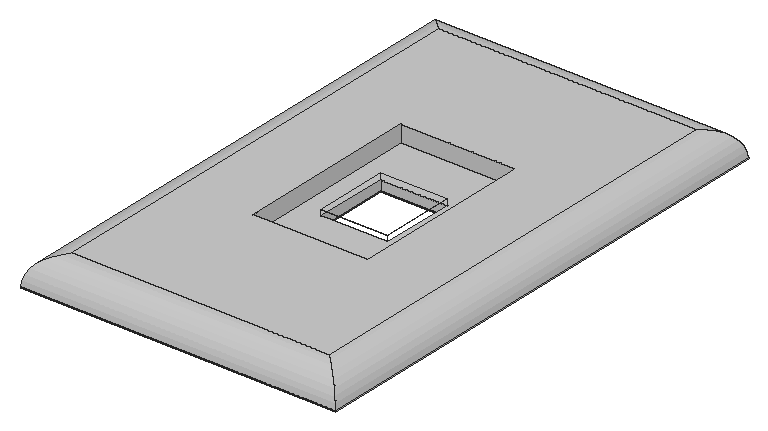
Revit family "1", category Data Devices, host Face, Revit 2018
Family settings
  Host = Face
  Maintain Annotation Orientation = Yes
  Round Connector Dimension = Use Diameter
  Part Type = Normal
  OmniClass Number = 23.85.50.21
  OmniClass Title = Cable Transmission and Reception Equipment
  Cut with Voids When Loaded = No
  Shared = Yes
  Room Calculation Point = No
Parameters (values of type "ERROR *See Type Catalog*")
  z Width = 0.58000"  # constant formula
  z White [instance] = and(Leviton Color = z Set Color White, not(Stainless Steel))  # no
  z Void Offset Single Gang 3 = if(and(z Is Single Gang, z Leviton Type = 1, Has ID Windows), 2.25000", 9.00000")  # 9.00000"
  z Void Offset Single Gang 2 = if(z Leviton Type = 11, 0.15000", 0.25000")  # 0.15000"
  z Void Offset Single Gang 1 = if(and(z Is Single Gang, Has ID Windows, not(or(z Leviton Type = 1, z Leviton Type = 11))), 2.25000", 9.00000")  # 9.00000"
  z Void Offset Dual Gang 2 = if(or(and(z Is Dual Gang, not(Stainless Steel), or(z Leviton Type = 1, z Leviton Type = 2, z Leviton Type = 3, z Leviton Type = 5, not(Has ID Windows))), and(z Is Single Gang), not(Has ID Windows), not(Has ID Windows)), 9.00000", 2.25000")  # 9.00000"
  z Void Offset Dual Gang 1 = if(and(z Is Dual Gang, Has ID Windows), 2.25000", 9.00000")  # 9.00000"
  z Void Offset Angled Plastic = if(or(and(z Leviton Type = 14, Stainless Steel), and(z Leviton Type = 13, Stainless Steel)), 0.11950", 0.07750")  # 0.07750"
  z Void Offset Angled = if(z Leviton Type = 15, 1.47000", if(z Leviton Type = 17, 0.36750", 0.73500"))  # 0.73500"
  z Void 4 Port Angled = if(or(z Leviton Type = 14, z Leviton Type = 15), 0.60000", 8.00000")  # 8.00000"
  z Void 2 Port Angled = if(z Leviton Type = 13, 0.60000", 8.00000")  # 8.00000"
  z Void 1 Port Angled = if(z Leviton Type = 17, 0.60000", 6.00000")  # 6.00000"
  z Stainless Steel [instance] = and(Leviton Color = z Set Color Stainless Steel, Stainless Steel)  # yes
  z Set Color White [instance] = Color Selection : White
  z Set Color Light Almond [instance] = Color Selection : Light Almond
  z Set Color Ivory [instance] = Color Selection : Ivory
  z Set Color Grey [instance] = Color Selection : Grey
  z Set Color Brown [instance] = Color Selection : Brown
  z Set Color Black [instance] = Color Selection : Black
  z Void Offset Single Gang 4 = if(or(and(z Is Single Gang, z Leviton Type = 13, Stainless Steel), and(z Is Single Gang, z Leviton Type = 14, Stainless Steel)), 2.25000", 9.00000")  # 9.00000"
  z Void Offset Dual Gang 3 = if(and(z Is Dual Gang, z Leviton Type = 15, Stainless Steel), 2.25000", 9.00000")  # 9.00000"
  z Offset 6 = if(or(z Leviton Type = 6, z Leviton Type = 12), 2.00000", 9.00000")  # 9.00000"
  z Offset 4 = if(or(z Leviton Type = 4, z Leviton Type = 8, z Leviton Type = 9), 2.00000", 9.00000")  # 9.00000"
  z Offset 3 = if(z Leviton Type = 3, 2.00000", 9.00000")  # 9.00000"
  z Offset 2 H = if(and(z Leviton Type = 5, z Is Dual Gang), 2.00000", 9.00000")  # 9.00000"
  z Offset 2 = if(or(z Leviton Type = 2, z Leviton Type = 7), 2.00000", 9.00000")  # 9.00000"
  z Offset 1 = if(or(z Leviton Type = 1, z Leviton Type = 11, z Leviton Type = 21), 2.00000", 9.00000")  # 2.00000"
  z Light Almond [instance] = and(Leviton Color = z Set Color Light Almond, not(Stainless Steel))  # no
  z Leviton Wallplate Color [instance] = if(and(z White, not(z Light Almond), not(z Ivory), not(z Grey), not(z Brown), not(z Black), not(z Stainless Steel)), 1, if(and(not(z White), z Light Almond, not(z Ivory), not(z Grey), not(z Brown), not(z Black), not(z Stainless Steel)), 2, if(and(not(z White), not(z Light Almond), z Ivory, not(z Grey), not(z Brown), not(z Black), not(z Stainless Steel)), 3, if(and(not(z White), not(z Light Almond), not(z Ivory), z Grey, not(z Brown), not(z Black), not(z Stainless Steel)), 4, if(and(not(z White), not(z Light Almond), not(z Ivory), not(z Grey), not(z Brown), z Black, not(z Stainless Steel)), 5, if(and(not(z White), not(z Light Almond), not(z Ivory), not(z Grey), z Brown, not(z Black), not(z Stainless Steel)), 6, if(and(not(z White), not(z Light Almond), not(z Ivory), not(z Grey), not(z Brown), not(z Black), z Stainless Steel), 7, 0)))))))  # 7
  z Leviton Type = 11
  z Ivory [instance] = and(Leviton Color = z Set Color Ivory, not(Stainless Steel))  # no
  z Is Single Gang = not(z Is Dual Gang)  # yes
  z Is Dual Gang = no
  z Height = 0.65000"  # constant formula
  z Has 12 Ports = z Leviton Type = 12  # no
  z Has 08 Ports = or(z Leviton Type = 8)  # no
  z Has 06 Ports = z Leviton Type = 6  # no
  z Has 04 Ports = or(z Leviton Type = 4, z Leviton Type = 9)  # no
  z Has 03 Ports = z Leviton Type = 3  # no
  z Has 02 Ports = or(z Leviton Type = 2, z Leviton Type = 7)  # no
  z Has 02 H Ports = z Leviton Type = 5  # no
  z Has 01 Port = or(z Leviton Type = 1, z Leviton Type = 11, z Leviton Type = 21)  # yes
  z Grey [instance] = and(Leviton Color = z Set Color Grey, not(Stainless Steel))  # no
  z Distance = if(z Collapse, 0.00000", 6.00000")  # 0.00000"
  z Depth = 0.25000"
  z Set Color Stainless Steel [instance] = Color Selection : Stainless Steel
  z Collapse = yes
  z Brown [instance] = and(Leviton Color = z Set Color Brown, not(Stainless Steel))  # no
  z Black [instance] = and(Leviton Color = z Set Color Black, not(Stainless Steel))  # no
  z Angles are Visible 4 Port Plastic = and(z Leviton Type = 14, not(Stainless Steel))  # no
  z Angles are Visible 4 Port Dual Gang = and(z Is Dual Gang, z Leviton Type = 14, Stainless Steel)  # no
  z Angles are Visible 4 Port = or(and(z Is Single Gang, z Leviton Type = 14), z Leviton Type = 15)  # no
  z Angles are Visible 2 Port Plastic = or(and(z Leviton Type = 13, not(Stainless Steel)), and(z Leviton Type = 17, not(Stainless Steel)))  # no
  z Angles are Visible 2 Port = or(z Leviton Type = 13, z Leviton Type = 17)  # no
  z 2 Y Offset 2 = if(z Leviton Type = 11, 0.00000", 8.00000")  # 0.00000"
  z 1 Y Offset 1 = if(and(or(z Leviton Type = 2, z Leviton Type = 4, z Leviton Type = 8), Stainless Steel), 1.13700", if(or(z Leviton Type = 7, z Leviton Type = 9), 0.76500", 0.24500"))  # 0.24500"
  z 1 X Offset 2 = if(or(z Leviton Type = 5, z Leviton Type = 8, z Leviton Type = 12), 0.73500", if(z Leviton Type = 15, 0.73500", 3.00000"))  # 3.00000"
  z 1 X Offset 1 = if(and(not(z Is Dual Gang), Stainless Steel), 1.23100", if(and(z Is Dual Gang, Stainless Steel, or(z Leviton Type = 8, z Leviton Type = 12)), 1.74000", if(and(z Is Dual Gang, Stainless Steel, or(z Leviton Type = 4, z Leviton Type = 6)), 2.39200", if(and(z Is Dual Gang, z Leviton Type = 1), 2.39300", if(and(z Is Dual Gang, z Leviton Type = 2), 2.39300", if(and(z Is Dual Gang, z Leviton Type = 3), 2.39300", if(or(and(z Is Dual Gang, z Leviton Type = 4), and(z Is Dual Gang, Stainless Steel, z Leviton Type = 14)), 2.39300", if(and(z Is Dual Gang, z Leviton Type = 5), 2.39300", if(and(z Is Dual Gang, z Leviton Type = 6), 2.39300", if(and(z Is Dual Gang, z Leviton Type = 8), 1.63200", if(and(z Is Dual Gang, z Leviton Type = 12), 1.63200", if(and(not(Stainless Steel), z Is Single Gang, z Leviton Type = 7), 1.49600", if(and(not(Stainless Steel), z Is Single Gang, z Leviton Type = 9), 1.49000", 1.31500")))))))))))))  # 1.23100"
  Width [instance] = if(and(z Is Single Gang, or(z Leviton Type = 7, z Leviton Type = 9, z Leviton Type = 11, z Leviton Type = 13, z Leviton Type = 14)), 2.75000", if(and(not(and(z Leviton Type = 7, z Leviton Type = 9, z Leviton Type = 11, z Leviton Type = 13, z Leviton Type = 14, z Leviton Type = 15)), z Is Dual Gang, Stainless Steel), 4.59000", if(and(not(and(z Leviton Type = 7, z Leviton Type = 9, z Leviton Type = 11, z Leviton Type = 13, z Leviton Type = 14, z Leviton Type = 15)), z Is Dual Gang, not(Stainless Steel)), 4.56300", if(and(not(and(z Leviton Type = 7, z Leviton Type = 9, z Leviton Type = 11, z Leviton Type = 13, z Leviton Type = 14, z Leviton Type = 15)), z Is Single Gang, Size Standard, Stainless Steel), 2.78000", if(and(not(and(z Leviton Type = 7, z Leviton Type = 9, z Leviton Type = 11, z Leviton Type = 13, z Leviton Type = 14, z Leviton Type = 15)), z Is Single Gang, Size Standard, not(Stainless Steel)), 2.75000", if(and(not(and(z Leviton Type = 7, z Leviton Type = 9, z Leviton Type = 11, z Leviton Type = 13, z Leviton Type = 14, z Leviton Type = 15)), z Is Single Gang, Size Midway, Stainless Steel), 2.78000", if(and(not(and(z Leviton Type = 7, z Leviton Type = 9, z Leviton Type = 11, z Leviton Type = 13, z Leviton Type = 14, z Leviton Type = 15, z Leviton Type = 13, z Leviton Type = 14)), z Is Single Gang, Size Midway, not(Stainless Steel)), 3.12000", 2.75000")))))))  # 2.75000"
  Stainless Steel = yes
  URL = "http://www.leviton.com/networksolutions"
  Type Comments = ""
  Technical Support Phone Number = "1-800-824-3005"  # constant formula
  Size Standard = not(Size Midway)  # yes
  Size Midway = no
  Serial Number [instance] = ""
  Quantity per Package = 0
  Product Documentation Link = "http://www.leviton.com/OA_HTML/SectionDisplay.jsp?section=37724&minisite=10259"
  Port Count [instance] = 0
  Part Number [instance] = if(and(z Leviton Wallplate Color = 1, z Is Single Gang, Size Standard, not(Has ID Windows), z Leviton Type = 1), "41080-1WP", if(and(z Leviton Wallplate Color = 2, z Is Single Gang, Size Standard, not(Has ID Windows), z Leviton Type = 1), "41080-1TP", if(and(z Leviton Wallplate Color = 3, z Is Single Gang, Size Standard, not(Has ID Windows), z Leviton Type = 1), "41080-1IP", if(and(z Leviton Wallplate Color = 4, z Is Single Gang, Size Standard, not(Has ID Windows), z Leviton Type = 1), "41080-1GP", if(and(z Leviton Wallplate Color = 5, z Is Single Gang, Size Standard, not(Has ID Windows), z Leviton Type = 1), "41080-1EP", if(and(z Leviton Wallplate Color = 6, z Is Single Gang, Size Standard, not(Has ID Windows), z Leviton Type = 1), "41080-1BP", if(and(z Leviton Wallplate Color = 1, z Is Single Gang, Size Standard, not(Has ID Windows), z Leviton Type = 2), "41080-2WP", if(and(z Leviton Wallplate Color = 2, z Is Single Gang, Size Standard, not(Has ID Windows), z Leviton Type = 2), "41080-2TP", if(and(z Leviton Wallplate Color = 3, z Is Single Gang, Size Standard, not(Has ID Windows), z Leviton Type = 2), "41080-2IP", if(and(z Leviton Wallplate Color = 4, z Is Single Gang, Size Standard, not(Has ID Windows), z Leviton Type = 2), "41080-2GP", if(and(z Leviton Wallplate Color = 5, z Is Single Gang, Size Standard, not(Has ID Windows), z Leviton Type = 2), "41080-2EP", if(and(z Leviton Wallplate Color = 6, z Is Single Gang, Size Standard, not(Has ID Windows), z Leviton Type = 2), "41080-2BP", if(and(z Leviton Wallplate Color = 1, z Is Single Gang, Size Standard, not(Has ID Windows), z Leviton Type = 3), "41080-3WP", if(and(z Leviton Wallplate Color = 2, z Is Single Gang, Size Standard, not(Has ID Windows), z Leviton Type = 3), "41080-3TP", if(and(z Leviton Wallplate Color = 3, z Is Single Gang, Size Standard, not(Has ID Windows), z Leviton Type = 3), "41080-3IP", if(and(z Leviton Wallplate Color = 4, z Is Single Gang, Size Standard, not(Has ID Windows), z Leviton Type = 3), "41080-3GP", if(and(z Leviton Wallplate Color = 5, z Is Single Gang, Size Standard, not(Has ID Windows), z Leviton Type = 3), "41080-3EP", if(and(z Leviton Wallplate Color = 6, z Is Single Gang, Size Standard, not(Has ID Windows), z Leviton Type = 3), "41080-3BP", if(and(z Leviton Wallplate Color = 1, z Is Single Gang, Size Standard, not(Has ID Windows), z Leviton Type = 4), "41080-4WP", if(and(z Leviton Wallplate Color = 2, z Is Single Gang, Size Standard, not(Has ID Windows), z Leviton Type = 4), "41080-4TP", if(and(z Leviton Wallplate Color = 3, z Is Single Gang, Size Standard, not(Has ID Windows), z Leviton Type = 4), "41080-4IP", if(and(z Leviton Wallplate Color = 4, z Is Single Gang, Size Standard, not(Has ID Windows), z Leviton Type = 4), "41080-4GP", if(and(z Leviton Wallplate Color = 5, z Is Single Gang, Size Standard, not(Has ID Windows), z Leviton Type = 4), "41080-4EP", if(and(z Leviton Wallplate Color = 6, z Is Single Gang, Size Standard, not(Has ID Windows), z Leviton Type = 4), "41080-4BP", if(and(z Leviton Wallplate Color = 1, z Is Single Gang, Size Standard, not(Has ID Windows), z Leviton Type = 6), "41080-6WP", if(and(z Leviton Wallplate Color = 2, z Is Single Gang, Size Standard, not(Has ID Windows), z Leviton Type = 6), "41080-6TP", if(and(z Leviton Wallplate Color = 3, z Is Single Gang, Size Standard, not(Has ID Windows), z Leviton Type = 6), "41080-6IP", if(and(z Leviton Wallplate Color = 4, z Is Single Gang, Size Standard, not(Has ID Windows), z Leviton Type = 6), "41080-6GP", if(and(z Leviton Wallplate Color = 5, z Is Single Gang, Size Standard, not(Has ID Windows), z Leviton Type = 6), "41080-6EP", if(and(z Leviton Wallplate Color = 6, z Is Single Gang, Size Standard, not(Has ID Windows), z Leviton Type = 6), "41080-6BP", if(and(z Leviton Wallplate Color = 1, z Is Single Gang, Size Standard, Has ID Windows, z Leviton Type = 1), "42080-1WS", if(and(z Leviton Wallplate Color = 2, z Is Single Gang, Size Standard, Has ID Windows, z Leviton Type = 1), "42080-1TS", if(and(z Leviton Wallplate Color = 3, z Is Single Gang, Size Standard, Has ID Windows, z Leviton Type = 1), "42080-1IS", if(and(z Leviton Wallplate Color = 4, z Is Single Gang, Size Standard, Has ID Windows, z Leviton Type = 1), "42080-1GS", if(and(z Leviton Wallplate Color = 5, z Is Single Gang, Size Standard, Has ID Windows, z Leviton Type = 1), "42080-1ES", if(and(z Leviton Wallplate Color = 1, z Is Single Gang, Size Standard, Has ID Windows, z Leviton Type = 2), "42080-2WS", if(and(z Leviton Wallplate Color = 2, z Is Single Gang, Size Standard, Has ID Windows, z Leviton Type = 2), "42080-2TS", if(and(z Leviton Wallplate Color = 3, z Is Single Gang, Size Standard, Has ID Windows, z Leviton Type = 2), "42080-2IS", if(and(z Leviton Wallplate Color = 4, z Is Single Gang, Size Standard, Has ID Windows, z Leviton Type = 2), "42080-2GS", if(and(z Leviton Wallplate Color = 5, z Is Single Gang, Size Standard, Has ID Windows, z Leviton Type = 2), "42080-2ES", if(and(z Leviton Wallplate Color = 1, z Is Single Gang, Size Standard, Has ID Windows, z Leviton Type = 3), "42080-3WS", if(and(z Leviton Wallplate Color = 2, z Is Single Gang, Size Standard, Has ID Windows, z Leviton Type = 3), "42080-3TS", if(and(z Leviton Wallplate Color = 3, z Is Single Gang, Size Standard, Has ID Windows, z Leviton Type = 3), "42080-3IS", if(and(z Leviton Wallplate Color = 4, z Is Single Gang, Size Standard, Has ID Windows, z Leviton Type = 3), "42080-3GS", if(and(z Leviton Wallplate Color = 5, z Is Single Gang, Size Standard, Has ID Windows, z Leviton Type = 3), "42080-3ES", if(and(z Leviton Wallplate Color = 1, z Is Single Gang, Size Standard, Has ID Windows, z Leviton Type = 4), "42080-4WS", if(and(z Leviton Wallplate Color = 2, z Is Single Gang, Size Standard, Has ID Windows, z Leviton Type = 4), "42080-4TS", if(and(z Leviton Wallplate Color = 3, z Is Single Gang, Size Standard, Has ID Windows, z Leviton Type = 4), "42080-4IS", if(and(z Leviton Wallplate Color = 4, z Is Single Gang, Size Standard, Has ID Windows, z Leviton Type = 4), "42080-4GS", if(and(z Leviton Wallplate Color = 5, z Is Single Gang, Size Standard, Has ID Windows, z Leviton Type = 4), "42080-4ES", if(and(z Leviton Wallplate Color = 1, z Is Single Gang, Size Standard, Has ID Windows, z Leviton Type = 6), "42080-6WS", if(and(z Leviton Wallplate Color = 2, z Is Single Gang, Size Standard, Has ID Windows, z Leviton Type = 6), "42080-6TS", if(and(z Leviton Wallplate Color = 3, z Is Single Gang, Size Standard, Has ID Windows, z Leviton Type = 6), "42080-6IS", if(and(z Leviton Wallplate Color = 4, z Is Single Gang, Size Standard, Has ID Windows, z Leviton Type = 6), "42080-6GS", if(and(z Leviton Wallplate Color = 5, z Is Single Gang, Size Standard, Has ID Windows, z Leviton Type = 6), "42080-6ES", if(and(z Leviton Wallplate Color = 1, z Is Dual Gang, Size Standard, Has ID Windows, z Leviton Type = 1), "42080-1WP", if(and(z Leviton Wallplate Color = 2, z Is Dual Gang, Size Standard, Has ID Windows, z Leviton Type = 1), "42080-1TP", if(and(z Leviton Wallplate Color = 3, z Is Dual Gang, Size Standard, Has ID Windows, z Leviton Type = 1), "42080-1IP", if(and(z Leviton Wallplate Color = 4, z Is Dual Gang, Size Standard, Has ID Windows, z Leviton Type = 1), "42080-1GP", if(and(z Leviton Wallplate Color = 5, z Is Dual Gang, Size Standard, Has ID Windows, z Leviton Type = 1), "42080-1EP", if(and(z Leviton Wallplate Color = 1, z Is Dual Gang, Size Standard, Has ID Windows, z Leviton Type = 5), "42080-2WP", if(and(z Leviton Wallplate Color = 2, z Is Dual Gang, Size Standard, Has ID Windows, z Leviton Type = 5), "42080-2TP", if(and(z Leviton Wallplate Color = 3, z Is Dual Gang, Size Standard, Has ID Windows, z Leviton Type = 5), "42080-2IP", if(and(z Leviton Wallplate Color = 4, z Is Dual Gang, Size Standard, Has ID Windows, z Leviton Type = 5), "42080-2GP", if(and(z Leviton Wallplate Color = 5, z Is Dual Gang, Size Standard, Has ID Windows, z Leviton Ty
    pe = 5), "42080-2EP", if(and(z Leviton Wallplate Color = 1, z Is Dual Gang, Size Standard, Has ID Windows, z Leviton Type = 3), "42080-3WP", if(and(z Leviton Wallplate Color = 2, z Is Dual Gang, Size Standard, Has ID Windows, z Leviton Type = 3), "42080-3TP", if(and(z Leviton Wallplate Color = 3, z Is Dual Gang, Size Standard, Has ID Windows, z Leviton Type = 3), "42080-3IP", if(and(z Leviton Wallplate Color = 4, z Is Dual Gang, Size Standard, Has ID Windows, z Leviton Type = 3), "42080-3GP", if(and(z Leviton Wallplate Color = 5, z Is Dual Gang, Size Standard, Has ID Windows, z Leviton Type = 3), "42080-3EP", if(and(z Leviton Wallplate Color = 1, z Is Dual Gang, Size Standard, Has ID Windows, z Leviton Type = 4), "42080-4WP", if(and(z Leviton Wallplate Color = 2, z Is Dual Gang, Size Standard, Has ID Windows, z Leviton Type = 4), "42080-4TP", if(and(z Leviton Wallplate Color = 3, z Is Dual Gang, Size Standard, Has ID Windows, z Leviton Type = 4), "42080-4IP", if(and(z Leviton Wallplate Color = 4, z Is Dual Gang, Size Standard, Has ID Windows, z Leviton Type = 4), "42080-4GP", if(and(z Leviton Wallplate Color = 5, z Is Dual Gang, Size Standard, Has ID Windows, z Leviton Type = 4), "42080-4EP", if(and(z Leviton Wallplate Color = 1, z Is Dual Gang, Size Standard, Has ID Windows, z Leviton Type = 6), "42080-6WP", if(and(z Leviton Wallplate Color = 2, z Is Dual Gang, Size Standard, Has ID Windows, z Leviton Type = 6), "42080-6TP", if(and(z Leviton Wallplate Color = 3, z Is Dual Gang, Size Standard, Has ID Windows, z Leviton Type = 6), "42080-6IP", if(and(z Leviton Wallplate Color = 4, z Is Dual Gang, Size Standard, Has ID Windows, z Leviton Type = 6), "42080-6GP", if(and(z Leviton Wallplate Color = 5, z Is Dual Gang, Size Standard, Has ID Windows, z Leviton Type = 6), "42080-6EP", if(and(z Leviton Wallplate Color = 1, z Is Dual Gang, Size Standard, Has ID Windows, z Leviton Type = 8), "42080-8WP", if(and(z Leviton Wallplate Color = 2, z Is Dual Gang, Size Standard, Has ID Windows, z Leviton Type = 8), "42080-8TP", if(and(z Leviton Wallplate Color = 3, z Is Dual Gang, Size Standard, Has ID Windows, z Leviton Type = 8), "42080-8IP", if(and(z Leviton Wallplate Color = 4, z Is Dual Gang, Size Standard, Has ID Windows, z Leviton Type = 8), "42080-8GP", if(and(z Leviton Wallplate Color = 5, z Is Dual Gang, Size Standard, Has ID Windows, z Leviton Type = 8), "42080-8EP", if(and(z Leviton Wallplate Color = 1, z Is Dual Gang, Size Standard, Has ID Windows, z Leviton Type = 12), "42080-12W", if(and(z Leviton Wallplate Color = 2, z Is Dual Gang, Size Standard, Has ID Windows, z Leviton Type = 12), "42080-12T", if(and(z Leviton Wallplate Color = 3, z Is Dual Gang, Size Standard, Has ID Windows, z Leviton Type = 12), "42080-12I", if(and(z Leviton Wallplate Color = 4, z Is Dual Gang, Size Standard, Has ID Windows, z Leviton Type = 12), "42080-12G", if(and(z Leviton Wallplate Color = 5, z Is Dual Gang, Size Standard, Has ID Windows, z Leviton Type = 12), "42080-12E", if(and(z Leviton Wallplate Color = 7, z Is Single Gang, Size Standard, not(Has ID Windows), Stainless Steel, z Leviton Type = 1), "43080-1S1", if(and(z Leviton Wallplate Color = 7, z Is Single Gang, Size Standard, not(Has ID Windows), Stainless Steel, z Leviton Type = 2), "43080-1S2", if(and(z Leviton Wallplate Color = 7, z Is Single Gang, Size Standard, not(Has ID Windows), Stainless Steel, z Leviton Type = 3), "43080-1S3", if(and(z Leviton Wallplate Color = 7, z Is Single Gang, Size Standard, not(Has ID Windows), Stainless Steel, z Leviton Type = 4), "43080-1S4", if(and(z Leviton Wallplate Color = 7, z Is Single Gang, Size Standard, not(Has ID Windows), Stainless Steel, z Leviton Type = 6), "43080-1S6", if(and(z Leviton Wallplate Color = 7, z Is Dual Gang, Size Standard, not(Has ID Windows), Stainless Steel, z Leviton Type = 2), "43080-2S2", if(and(z Leviton Wallplate Color = 7, z Is Dual Gang, Size Standard, not(Has ID Windows), Stainless Steel, z Leviton Type = 4), "43080-2S4", if(and(z Leviton Wallplate Color = 7, z Is Dual Gang, Size Standard, not(Has ID Windows), Stainless Steel, z Leviton Type = 6), "43080-2S6", if(and(z Leviton Wallplate Color = 7, z Is Dual Gang, Size Standard, not(Has ID Windows), Stainless Steel, z Leviton Type = 8), "43080-2S8", if(and(z Leviton Wallplate Color = 7, z Is Single Gang, Size Standard, not(Has ID Windows), Stainless Steel, z Leviton Type = 13), "43081-1L2", if(and(z Leviton Wallplate Color = 7, z Is Single Gang, Size Standard, not(Has ID Windows), Stainless Steel, z Leviton Type = 14), "43081-1L4", if(and(z Leviton Wallplate Color = 7, z Is Dual Gang, Size Standard, not(Has ID Windows), Stainless Steel, z Leviton Type = 14), "43081-2L4", if(and(z Leviton Wallplate Color = 7, z Is Dual Gang, Size Standard, not(Has ID Windows), Stainless Steel, z Leviton Type = 15), "43081-2L8", if(and(z Leviton Wallplate Color = 7, z Is Single Gang, Size Standard, not(Has ID Windows), Stainless Steel, z Leviton Type = 21), "4108W-0SP", if(and(z Leviton Wallplate Color = 7, z Is Single Gang, Size Standard, not(Has ID Windows), Stainless Steel, z Leviton Type = 11), "4108W-1SP", if(and(z Leviton Wallplate Color = 1, z Is Single Gang, Size Standard, not(Has ID Windows), z Leviton Type = 13), "41081-2WP", if(and(z Leviton Wallplate Color = 2, z Is Single Gang, Size Standard, not(Has ID Windows), z Leviton Type = 13), "41081-2TP", if(and(z Leviton Wallplate Color = 3, z Is Single Gang, Size Standard, not(Has ID Windows), z Leviton Type = 13), "41081-2IP", if(and(z Leviton Wallplate Color = 1, z Is Single Gang, Size Standard, not(Has ID Windows), z Leviton Type = 14), "41081-4WP", if(and(z Leviton Wallplate Color = 2, z Is Single Gang, Size Standard, not(Has ID Windows), z Leviton Type = 14), "41081-4TP", if(and(z Leviton Wallplate Color = 3, z Is Single Gang, Size Standard, not(Has ID Windows), z Leviton Type = 14), "41081-4IP", if(and(z Leviton Wallplate Color = 1, z Is Single Gang, Size Standard, Has ID Windows, z Leviton Type = 17), "42081-1WS", if(and(z Leviton Wallplate Color = 2, z Is Single Gang, Size Standard, Has ID Windows, z Leviton Type = 17), "42081-1TS", if(and(z Leviton Wallplate Color = 3, z Is Single Gang, Size Standard, Has ID Windows, z Leviton Type = 17), "42081-1IS", if(and(z Leviton Wallplate Color = 1, z Is Single Gang, Size Standard, Has ID Windows, z Leviton Type = 13), "42081-2WS", if(and(z Leviton Wallplate Color = 2, z Is Single Gang, Size Standard, Has ID Windows, z Leviton Type = 13), "42081-2TS", if(and(z Leviton Wallplate Color = 3, z Is Single Gang, Size Standard, Has ID Windows, z Leviton Type = 13), "42081-2IS", if(and(z Leviton Wallplate Color = 1, z Is Single Gang, Size Standard, Has ID Windows, z Leviton Type = 14), "42081-4WS", if(and(z Leviton Wallplate Color = 2, z Is Single Gang, Size Standard, Has ID Windows, z Leviton Type = 14), "42081-4TS", if(and(z Leviton Wallplate Color = 3, z Is Single Gang, Size Standard, Has ID Windows, z Leviton Type = 14), "42081-4IS", if(and(z Leviton Wallplate Color = 5, z Is Single Gang, Size Standard, Has ID Windows, z Leviton Type = 14), "42081-4ES", if(and(z Leviton Wallplate Color = 1, z Is Single Gang, Size Midway, not(Has ID Windows), z Leviton Type = 1), "41091-1WN", if(and(z Leviton Wallplate Color = 2, z Is Single Gang, Size Midway, not(Has ID Windows), z Leviton Type = 1), "41091-1TN", if(and(z Leviton Wallplate Color = 3, z Is Single Gang, Size Midway, not(Has ID Windows), z Leviton Type = 1), "41091-1IN", if(and(z Leviton Wallplate Color = 6, z Is Single Gang, Size Midway, not(Has ID Windows), z Leviton Type = 1), "41091-1BN", if(and(z Leviton Wallplate Color = 1, z Is Single Gang, Size Midway, not(Has ID Windows), z Leviton Type = 2), "41091-2WN", if(and(z Leviton Wallplate Color = 2, z Is Single Gang, Size Midway, not(Has ID Windows), z Leviton Type = 2), "41091-2TN", if(and(z Leviton Wallplate Color = 3, z Is Single Gang, Size Midway, not(Has ID Windows), z Leviton Type = 2), "41091-2IN", if(and(z 
    Leviton Wallplate Color = 6, z Is Single Gang, Size Midway, not(Has ID Windows), z Leviton Type = 2), "41091-2BN", if(and(z Leviton Wallplate Color = 1, z Is Single Gang, Size Midway, not(Has ID Windows), z Leviton Type = 3), "41091-3WN", if(and(z Leviton Wallplate Color = 2, z Is Single Gang, Size Midway, not(Has ID Windows), z Leviton Type = 3), "41091-3TN", if(and(z Leviton Wallplate Color = 3, z Is Single Gang, Size Midway, not(Has ID Windows), z Leviton Type = 3), "41091-3IN", if(and(z Leviton Wallplate Color = 6, z Is Single Gang, Size Midway, not(Has ID Windows), z Leviton Type = 3), "41091-3BN", if(and(z Leviton Wallplate Color = 1, z Is Single Gang, Size Midway, not(Has ID Windows), z Leviton Type = 4), "41091-4WN", if(and(z Leviton Wallplate Color = 2, z Is Single Gang, Size Midway, not(Has ID Windows), z Leviton Type = 4), "41091-4TN", if(and(z Leviton Wallplate Color = 3, z Is Single Gang, Size Midway, not(Has ID Windows), z Leviton Type = 4), "41091-4IN", if(and(z Leviton Wallplate Color = 6, z Is Single Gang, Size Midway, not(Has ID Windows), z Leviton Type = 4), "41091-4BN", if(and(z Leviton Wallplate Color = 1, z Is Single Gang, Size Midway, not(Has ID Windows), z Leviton Type = 6), "41091-6WN", if(and(z Leviton Wallplate Color = 2, z Is Single Gang, Size Midway, not(Has ID Windows), z Leviton Type = 6), "41091-6TN", if(and(z Leviton Wallplate Color = 3, z Is Single Gang, Size Midway, not(Has ID Windows), z Leviton Type = 6), "41091-6IN", if(and(z Leviton Wallplate Color = 6, z Is Single Gang, Size Midway, not(Has ID Windows), z Leviton Type = 6), "41091-6BN", "ERROR")))))))))))))))))))))))))))))))))))))))))))))))))))))))))))))))))))))))))))))))))))))))))))))))))))))))))))))))))))))))))))))))))))))))))))))  # "4108W-1SP"
  Part Description = Description  # "QuickPort Wallplate, Stainless Steel, 1 Port, Single Gang, Recessed"
  Original Creation Date = "January 15, 2013"  # constant formula
  Model Disclaimer = "http://www.leviton.com/BIMterms"
  Model = " "
  Minimum Order Quantity = 0
  Manufacturer = "Leviton"  # constant formula
  Leviton Color [instance] = Color Selection : Stainless Steel
  Height [instance] = if(and(z Is Single Gang, or(z Leviton Type = 7, z Leviton Type = 9, z Leviton Type = 11, z Leviton Type = 13, z Leviton Type = 14)), 4.50000", if(and(not(and(z Leviton Type = 7, z Leviton Type = 9, z Leviton Type = 11, z Leviton Type = 13, z Leviton Type = 14, z Leviton Type = 15)), z Is Dual Gang, Stainless Steel), 4.50000", if(and(not(and(z Leviton Type = 7, z Leviton Type = 9, z Leviton Type = 11, z Leviton Type = 13, z Leviton Type = 14, z Leviton Type = 15)), z Is Dual Gang, not(Stainless Steel)), 4.53000", if(and(not(and(z Leviton Type = 7, z Leviton Type = 9, z Leviton Type = 11, z Leviton Type = 13, z Leviton Type = 14, z Leviton Type = 15)), z Is Single Gang, Size Standard, Stainless Steel), 4.50000", if(and(not(and(z Leviton Type = 7, z Leviton Type = 9, z Leviton Type = 11, z Leviton Type = 13, z Leviton Type = 14, z Leviton Type = 15)), z Is Single Gang, Size Standard, not(Stainless Steel)), 4.53000", if(and(not(and(z Leviton Type = 7, z Leviton Type = 9, z Leviton Type = 11, z Leviton Type = 13, z Leviton Type = 14, z Leviton Type = 15)), z Is Single Gang, Size Midway, Stainless Steel), 4.50000", if(and(not(and(z Leviton Type = 7, z Leviton Type = 9, z Leviton Type = 11, z Leviton Type = 13, z Leviton Type = 14, z Leviton Type = 15, z Leviton Type = 13, z Leviton Type = 14)), z Is Single Gang, Size Midway, not(Stainless Steel)), 4.87000", 4.50000")))))))  # 4.50000"
  Has ID Windows = no
  Family Version = "1.0.9"  # constant formula
  Equipment Type = ""
  Equipment Abbreviation = "QPW"  # constant formula
  Description = "QuickPort Wallplate, Stainless Steel, 1 Port, Single Gang, Recessed"
  Default Elevation = 24.00000"
  Date Last Modified = "October 30, 2023"  # constant formula
  Copyright = "Copyright © 2013-2014 Leviton Manufacturing Co., Inc."  # constant formula
  Channel Count [instance] = 0
  Assembly Code = "D5030600"
  Annotation Symbol is Visible = yes
  Annotation Symbol [instance] = Symbol : Data
Reference planes (in)
  plane 1 "Center (Front/Back)": y = 0.3225
  plane 2 "Mounting Surface": z = 0
  plane 3 "Center (Left/Right)": x = -0.9065
  plane 4 "Front": z = 0.25
  plane 5: y = -1.9275
  plane 6 "Left": x = -2.2815
  plane 7 "Right": x = 0.4685
  plane 8: y = 2.5725
  plane 9: y = -1.9275
  plane 10: y = -1.9275
  plane 11: y = -1.9275
  plane 12: y = -1.9275
  plane 13: y = -1.9275
  plane 14: y = 2.5725
  plane 15: y = 2.5725
  plane 16: y = 2.5725
  plane 17: y = 2.5725
  plane 18 "Top": y = 2.5725
  plane 19: y = -1.9275
  plane 20: y = 0.6475
  plane 21: y = -0.0025
  plane 22: x = -1.1965
  plane 23: x = -0.6165
  plane 24: y = 2.3225
  plane 25: z = 7
  plane 26: z = 7
  plane 27 "1": z = 0
  plane 28 "2": z = 7
  plane 29 "3": z = 7
  plane 30: x = -1.522
  plane 31 "Angled Feature Right Side": x = -0.291
  plane 32: x = -0.942
  plane 33: x = -0.871
  plane 34 "6": z = 7
  plane 35 "4": z = 7
  plane 36: x = -3.942
  plane 37: x = -4.522
  plane 38: x = 2.709
  plane 39: x = 2.129
  plane 40: y = 0.8925
  plane 41: y = 1.5425
  plane 42: z = 7
  plane 43 "8": z = 7
  plane 44: y = 0.2
  plane 45: y = 0.445
  plane 46: y = 1.095
  plane 47: y = -0.45
  plane 48: y = 0.3225
  plane 49 "Recess": z = 0.1
  plane 50 "Void Collector": z = -2
  plane 51: y = 0.77
  plane 52: y = -0.125
  plane 53: y = 1.2175
  plane 54: y = 0.77
  plane 55: y = -0.125
  plane 56: x = -1.6415
  plane 57: x = -0.1715
  plane 58 "Lower 4-Port Mounting Face": through (0, -0.0476744, 0.5529789) normal (0, 0.4559, -0.8901)
  plane 59 "2-Port Mounting Face": through (0, 0.824706, 0.5529789) normal (0, 0.4559, -0.8901)
  plane 60 "Upper 4-Port Mounting Face": through (0, 1.1376099, 0.5529789) normal (0, 0.4559, -0.8901)
  plane 61 "Lower 4-Port": through (0, -3.6945175, 7.6734098) normal (0, 0.4559, -0.8901)
  plane 62 "2-Port": through (0, -2.8221371, 7.6734098) normal (0, 0.4559, -0.8901)
  plane 63 "Upper 4-Port": through (0, -2.5092332, 7.6734098) normal (0, 0.4559, -0.8901)
  plane 64: x = 2.709
  plane 65: x = 2.129
  plane 66: x = -3.942
  plane 67: x = -4.522
  plane 68 "Angled Feature Left Side": x = -1.564
  plane 69: x = -0.249
  plane 70 "Angled": z = 0.2869739
  plane 71: x = -2.5115
  plane 72: x = 0.6985
  plane 73: z = 7
  plane 74: z = 6.9
  plane 75: through (0, -1.6659589, 6.01851) normal (0, -0.4559, 0.8901)
  plane 76: z = 7
  plane 77: z = 7
  plane 78: z = 7.75
  plane 79: z = 6.25
Forms (in)
  Extrusion 1, solid, not visible, detail levels fine
    sketch origin (0, 0, 0) x (1, 0, 0) y (0, 1, 0)
      loop
        line (-5.103, 3.3225) -> (-5.103, -2.6775) -> (3.29, -2.6775) -> (3.29, 3.3225) -> (-5.103, 3.3225)
    from 0 to -2
  Extrusion 2, solid, material "Plastic - Leviton - White", visible <- "z White"
    sketch origin (0, 33, 0) x (1, 0, 0) y (0, 1, 0)
      loop
        line (-2.2815, -30.4275) -> (-2.2815, -34.9275) -> (0.4685, -34.9275) -> (0.4685, -30.4275) -> (-2.2815, -30.4275)
    from 0 to 0.25
  Sweep 3, void
    path origin (0, 0, 0.25) x (-1, 0, 0) y (0, -1, 0)
      loop
        line (2.2815, -2.5725) -> (2.2815, 1.9275) -> (-0.4685, 1.9275) -> (-0.4685, -2.5725) -> (2.2815, -2.5725)
    profile origin (-0.9065, 2.5725, 0.25) x (0, 1, 0) y (0, 0, 1)
      loop
        arc (-0.25, 0) -> (-0.0767228, -0.0697112) -> (0, -0.24) r 0.2502083
        line (0, -0.24) -> (0, 0) -> (-0.25, 0)
  Extrusion 4, solid, material "Plastic - Leviton - Light Almond", visible <- "z Light Almond"
    sketch origin (0, 25.5, 0) x (1, 0, 0) y (0, 1, 0)
      loop
        line (-2.2815, -22.9275) -> (-2.2815, -27.4275) -> (0.4685, -27.4275) -> (0.4685, -22.9275) -> (-2.2815, -22.9275)
    from 0 to 0.25
  Extrusion 5, solid, material "Plastic - Leviton - Ivory", visible <- "z Ivory"
    sketch origin (0, 18.75, 0) x (1, 0, 0) y (0, 1, 0)
      loop
        line (-2.2815, -16.1775) -> (-2.2815, -20.6775) -> (0.4685, -20.6775) -> (0.4685, -16.1775) -> (-2.2815, -16.1775)
    from 0 to 0.25
  Extrusion 6, solid, material "Plastic - Leviton - Grey", visible <- "z Grey"
    sketch origin (0, 11.75, 0) x (1, 0, 0) y (0, 1, 0)
      loop
        line (-2.2815, -9.1775) -> (-2.2815, -13.6775) -> (0.4685, -13.6775) -> (0.4685, -9.1775) -> (-2.2815, -9.1775)
    from 0 to 0.25
  Extrusion 7, solid, material "Plastic - Leviton - Black", visible <- "z Black"
    sketch origin (0, 3, 0) x (1, 0, 0) y (0, 1, 0)
      loop
        line (-2.2815, -0.4275) -> (-2.2815, -4.9275) -> (0.4685, -4.9275) -> (0.4685, -0.4275) -> (-2.2815, -0.4275)
    from 0 to 0.25
  Extrusion 8, solid, material "Plastic - Leviton - Brown", visible <- "z Brown"
    sketch origin (0, -5.5, 0) x (1, 0, 0) y (0, 1, 0)
      loop
        line (-2.2815, 8.0725) -> (-2.2815, 3.5725) -> (0.4685, 3.5725) -> (0.4685, 8.0725) -> (-2.2815, 8.0725)
    from 0 to 0.25
  Extrusion 9, solid, material "Plastic - Leviton - Stainless Steel", visible <- "Stainless Steel"
    sketch origin (0, 39.25, 0) x (1, 0, 0) y (0, 1, 0)
      loop
        line (-2.2815, -36.6775) -> (-2.2815, -41.1775) -> (0.4685, -41.1775) -> (0.4685, -36.6775) -> (-2.2815, -36.6775)
    from 0 to 0.25
  Extrusion 10, void
    sketch origin (0, 0, 0.25) x (-1, 0, 0) y (0, -1, 0)
      loop
        line (1.1965, -0.6475) -> (1.1965, 0.0025) -> (0.6165, 0.0025) -> (0.6165, -0.6475) -> (1.1965, -0.6475)
    from -0.25 to -0.1
  Extrusion 11, void
    sketch origin (0, 0, 0.25) x (-1, 0, 0) y (0, -1, 0)
      loop
        line (2.8126, -2.1725) -> (2.8126, -1.7125) -> (0.9826, -1.7125) -> (0.9826, -2.1725) -> (2.8126, -2.1725)
      loop
        line (-0.9996, -2.1725) -> (0.8304, -2.1725) -> (0.8304, -1.7125) -> (-0.9996, -1.7125) -> (-0.9996, -2.1725)
    from 6.65 to 6.75
  Extrusion 12, solid, material "Snap Locations - Leviton - Invisible", visible <- "z Has 01 Port"
    sketch origin (0, 0, 0.25) x (-1, 0, 0) y (0, -1, 0)
      loop
        line (1.1965, -0.6475) -> (1.1965, 0.0025) -> (0.6165, 0.0025) -> (0.6165, -0.6475) -> (1.1965, -0.6475)
    from -0.25 to -0.1
  Extrusion 13, solid, material "Snap Locations - Leviton - Invisible", visible <- "z Has 02 Ports"
    sketch origin (0, 0.4475, 0.25) x (-1, 0, 0) y (0, -1, 0)
      loop
        line (1.1965, -0.6475) -> (1.1965, 0.0025) -> (0.6165, 0.0025) -> (0.6165, -0.6475) -> (1.1965, -0.6475)
      loop
        line (1.1965, 0.8975) -> (0.6165, 0.8975) -> (0.6165, 0.2475) -> (1.1965, 0.2475) -> (1.1965, 0.8975)
    from 6.75 to 7
  Extrusion 14, void
    sketch origin (0, 0, 0) x (1, 0, 0) y (0, 1, 0)
      loop
        line (-1.1965, 1.095) -> (-1.1965, 0.445) -> (-0.6165, 0.445) -> (-0.6165, 1.095) -> (-1.1965, 1.095)
      loop
        line (-1.1965, 0.2) -> (-1.1965, -0.45) -> (-0.6165, -0.45) -> (-0.6165, 0.2) -> (-1.1965, 0.2)
    from 7 to 7.25
  Extrusion 15, solid, material "Snap Locations - Leviton - Invisible", visible <- "z Has 03 Ports"
    sketch origin (0, 0, 7) x (-1, 0, 0) y (0, -1, 0)
      loop
        line (1.1965, -0.6475) -> (1.1965, 0.0025) -> (0.6165, 0.0025) -> (0.6165, -0.6475) -> (1.1965, -0.6475)
      loop
        line (1.1965, -1.5425) -> (1.1965, -0.8925) -> (0.6165, -0.8925) -> (0.6165, -1.5425) -> (1.1965, -1.5425)
      loop
        line (1.1965, 0.2475) -> (1.1965, 0.8975) -> (0.6165, 0.8975) -> (0.6165, 0.2475) -> (1.1965, 0.2475)
    from 0 to 0.25
  Extrusion 16, void
    sketch origin (0, 0, 7) x (-1, 0, 0) y (0, -1, 0)
      loop
        line (1.1965, -1.5425) -> (1.1965, -0.8925) -> (0.6165, -0.8925) -> (0.6165, -1.5425) -> (1.1965, -1.5425)
      loop
        line (1.1965, -0.6475) -> (1.1965, 0.0025) -> (0.6165, 0.0025) -> (0.6165, -0.6475) -> (1.1965, -0.6475)
      loop
        line (1.1965, 0.2475) -> (1.1965, 0.8975) -> (0.6165, 0.8975) -> (0.6165, 0.2475) -> (1.1965, 0.2475)
    from 0 to 0.25
  Extrusion 17, void
    sketch origin (-0.8460823, 0, 7) x (-1, 0, 0) y (0, -1, 0)
      loop
        line (0.6759177, -1.5425) -> (0.6759177, -0.8925) -> (0.0959177, -0.8925) -> (0.0959177, -1.5425) -> (0.6759177, -1.5425)
      loop
        line (0.6759177, -0.6475) -> (0.6759177, 0.0025) -> (0.0959177, 0.0025) -> (0.0959177, -0.6475) -> (0.6759177, -0.6475)
      loop
        line (0.6759177, 0.2475) -> (0.6759177, 0.8975) -> (0.0959177, 0.8975) -> (0.0959177, 0.2475) -> (0.6759177, 0.2475)
      loop
        line (0.0249177, -1.5425) -> (0.0249177, -0.8925) -> (-0.5550823, -0.8925) -> (-0.5550823, -1.5425) -> (0.0249177, -1.5425)
      loop
        line (0.0249177, -0.6475) -> (0.0249177, 0.0025) -> (-0.5550823, 0.0025) -> (-0.5550823, -0.6475) -> (0.0249177, -0.6475)
      loop
        line (0.0249177, 0.2475) -> (0.0249177, 0.8975) -> (-0.5550823, 0.8975) -> (-0.5550823, 0.2475) -> (0.0249177, 0.2475)
      loop
        line (3.6759177, -1.5425) -> (3.6759177, -0.8925) -> (3.0959177, -0.8925) -> (3.0959177, -1.5425) -> (3.6759177, -1.5425)
      loop
        line (3.6759177, -0.6475) -> (3.6759177, 0.0025) -> (3.0959177, 0.0025) -> (3.0959177, -0.6475) -> (3.6759177, -0.6475)
      loop
        line (3.6759177, 0.2475) -> (3.6759177, 0.8975) -> (3.0959177, 0.8975) -> (3.0959177, 0.2475) -> (3.6759177, 0.2475)
      loop
        line (-2.9750823, -1.5425) -> (-2.9750823, -0.8925) -> (-3.5550823, -0.8925) -> (-3.5550823, -1.5425) -> (-2.9750823, -1.5425)
      loop
        line (-2.9750823, -0.6475) -> (-2.9750823, 0.0025) -> (-3.5550823, 0.0025) -> (-3.5550823, -0.6475) -> (-2.9750823, -0.6475)
      loop
        line (-2.9750823, 0.2475) -> (-2.9750823, 0.8975) -> (-3.5550823, 0.8975) -> (-3.5550823, 0.2475) -> (-2.9750823, 0.2475)
    from 0 to 0.25
  Extrusion 18, solid, material "Snap Locations - Leviton - Invisible", visible <- "z Has 12 Ports"
    sketch origin (-0.8460823, 0, 7) x (-1, 0, 0) y (0, -1, 0)
      loop
        line (0.6759177, -0.6475) -> (0.6759177, 0.0025) -> (0.0959177, 0.0025) -> (0.0959177, -0.6475) -> (0.6759177, -0.6475)
      loop
        line (0.6759177, -1.5425) -> (0.6759177, -0.8925) -> (0.0959177, -0.8925) -> (0.0959177, -1.5425) -> (0.6759177, -1.5425)
      loop
        line (0.6759177, 0.2475) -> (0.6759177, 0.8975) -> (0.0959177, 0.8975) -> (0.0959177, 0.2475) -> (0.6759177, 0.2475)
      loop
        line (0.0249177, -0.6475) -> (0.0249177, 0.0025) -> (-0.5550823, 0.0025) -> (-0.5550823, -0.6475) -> (0.0249177, -0.6475)
      loop
        line (0.0249177, -1.5425) -> (0.0249177, -0.8925) -> (-0.5550823, -0.8925) -> (-0.5550823, -1.5425) -> (0.0249177, -1.5425)
      loop
        line (0.0249177, 0.2475) -> (0.0249177, 0.8975) -> (-0.5550823, 0.8975) -> (-0.5550823, 0.2475) -> (0.0249177, 0.2475)
      loop
        line (3.6759177, -0.6475) -> (3.6759177, 0.0025) -> (3.0959177, 0.0025) -> (3.0959177, -0.6475) -> (3.6759177, -0.6475)
      loop
        line (3.6759177, -1.5425) -> (3.6759177, -0.8925) -> (3.0959177, -0.8925) -> (3.0959177, -1.5425) -> (3.6759177, -1.5425)
      loop
        line (3.6759177, 0.2475) -> (3.6759177, 0.8975) -> (3.0959177, 0.8975) -> (3.0959177, 0.2475) -> (3.6759177, 0.2475)
      loop
        line (-2.9750823, -0.6475) -> (-2.9750823, 0.0025) -> (-3.5550823, 0.0025) -> (-3.5550823, -0.6475) -> (-2.9750823, -0.6475)
      loop
        line (-2.9750823, -1.5425) -> (-2.9750823, -0.8925) -> (-3.5550823, -0.8925) -> (-3.5550823, -1.5425) -> (-2.9750823, -1.5425)
      loop
        line (-2.9750823, 0.2475) -> (-2.9750823, 0.8975) -> (-3.5550823, 0.8975) -> (-3.5550823, 0.2475) -> (-2.9750823, 0.2475)
    from 0 to 0.25
  Extrusion 19, void
    sketch origin (-0.9065, 0, 0) x (1, 0, 0) y (0, 1, 0)
      loop
        line (-0.6155, 1.095) -> (-0.6155, 0.445) -> (-0.0355, 0.445) -> (-0.0355, 1.095) -> (-0.6155, 1.095)
      loop
        line (-0.6155, 0.2) -> (-0.6155, -0.45) -> (-0.0355, -0.45) -> (-0.0355, 0.2) -> (-0.6155, 0.2)
      loop
        line (0.0355, 1.095) -> (0.0355, 0.445) -> (0.6155, 0.445) -> (0.6155, 1.095) -> (0.0355, 1.095)
      loop
        line (0.0355, 0.2) -> (0.0355, -0.45) -> (0.6155, -0.45) -> (0.6155, 0.2) -> (0.0355, 0.2)
      loop
        line (-3.0355, 1.095) -> (-3.6155, 1.095) -> (-3.6155, 0.445) -> (-3.0355, 0.445) -> (-3.0355, 1.095)
      loop
        line (-3.0355, 0.2) -> (-3.6155, 0.2) -> (-3.6155, -0.45) -> (-3.0355, -0.45) -> (-3.0355, 0.2)
      loop
        line (3.6155, 1.095) -> (3.0355, 1.095) -> (3.0355, 0.445) -> (3.6155, 0.445) -> (3.6155, 1.095)
      loop
        line (3.6155, 0.2) -> (3.0355, 0.2) -> (3.0355, -0.45) -> (3.6155, -0.45) -> (3.6155, 0.2)
    from 7 to 7.25
  Extrusion 20, solid, material "Snap Locations - Leviton - Invisible", visible <- "z Has 08 Ports"
    sketch origin (-0.9065, 0.4475, 0.25) x (-1, 0, 0) y (0, -1, 0)
      loop
        line (0.6155, -0.6475) -> (0.6155, 0.0025) -> (0.0355, 0.0025) -> (0.0355, -0.6475) -> (0.6155, -0.6475)
      loop
        line (0.6155, 0.8975) -> (0.0355, 0.8975) -> (0.0355, 0.2475) -> (0.6155, 0.2475) -> (0.6155, 0.8975)
      loop
        line (-0.0355, -0.6475) -> (-0.0355, 0.0025) -> (-0.6155, 0.0025) -> (-0.6155, -0.6475) -> (-0.0355, -0.6475)
      loop
        line (-0.0355, 0.8975) -> (-0.6155, 0.8975) -> (-0.6155, 0.2475) -> (-0.0355, 0.2475) -> (-0.0355, 0.8975)
      loop
        line (3.6155, -0.6475) -> (3.6155, 0.0025) -> (3.0355, 0.0025) -> (3.0355, -0.6475) -> (3.6155, -0.6475)
      loop
        line (3.6155, 0.8975) -> (3.0355, 0.8975) -> (3.0355, 0.2475) -> (3.6155, 0.2475) -> (3.6155, 0.8975)
      loop
        line (-3.0355, -0.6475) -> (-3.0355, 0.0025) -> (-3.6155, 0.0025) -> (-3.6155, -0.6475) -> (-3.0355, -0.6475)
      loop
        line (-3.0355, 0.8975) -> (-3.6155, 0.8975) -> (-3.6155, 0.2475) -> (-3.0355, 0.2475) -> (-3.0355, 0.8975)
    from 6.75 to 7
  Extrusion 21, solid, material "Snap Locations - Leviton - Invisible", visible <- "z Has 02 H Ports"
    sketch origin (-0.8460823, 0, 1.5) x (-1, 0, 0) y (0, -1, 0)
      loop
        line (0.6759177, -0.6475) -> (0.6759177, 0.0025) -> (0.0959177, 0.0025) -> (0.0959177, -0.6475) -> (0.6759177, -0.6475)
      loop
        line (0.0249177, -0.6475) -> (0.0249177, 0.0025) -> (-0.5550823, 0.0025) -> (-0.5550823, -0.6475) -> (0.0249177, -0.6475)
    from 5.5 to 5.75
  Extrusion 22, void
    sketch origin (-0.8460823, 0, 1.5) x (-1, 0, 0) y (0, -1, 0)
      loop
        line (0.6759177, -0.6475) -> (0.6759177, 0.0025) -> (0.0959177, 0.0025) -> (0.0959177, -0.6475) -> (0.6759177, -0.6475)
      loop
        line (0.0249177, -0.6475) -> (0.0249177, 0.0025) -> (-0.5550823, 0.0025) -> (-0.5550823, -0.6475) -> (0.0249177, -0.6475)
    from 5.5 to 5.75
  Extrusion 23, void
    sketch origin (0, 0, 7) x (0, 1, 0) y (-1, 0, 0)
      loop
        line (1.1325, 1.4065) -> (-0.4875, 1.4065) -> (-0.4875, 0.4065) -> (1.1325, 0.4065) -> (1.1325, 1.4065)
    from -6.9 to -6.75
  Extrusion 24, solid, material "Snap Locations - Leviton - Invisible", visible <- "z Has 04 Ports"
    sketch origin (0, 0, 7) x (0, 1, 0) y (-1, 0, 0)
      loop
        line (1.095, 1.522) -> (0.445, 1.522) -> (0.445, 0.942) -> (1.095, 0.942) -> (1.095, 1.522)
      loop
        line (0.2, 1.522) -> (-0.45, 1.522) -> (-0.45, 0.942) -> (0.2, 0.942) -> (0.2, 1.522)
      loop
        line (1.095, 0.871) -> (0.445, 0.871) -> (0.445, 0.291) -> (1.095, 0.291) -> (1.095, 0.871)
      loop
        line (0.2, 0.871) -> (-0.45, 0.871) -> (-0.45, 0.291) -> (0.2, 0.291) -> (0.2, 0.871)
    from 0 to 0.25
  Extrusion 25, solid, material "Snap Locations - Leviton - Invisible", visible <- "z Has 06 Ports"
    sketch origin (-0.8460823, 0, 7) x (-1, 0, 0) y (0, -1, 0)
      loop
        line (0.6759177, -0.6475) -> (0.6759177, 0.0025) -> (0.0959177, 0.0025) -> (0.0959177, -0.6475) -> (0.6759177, -0.6475)
      loop
        line (0.6759177, -1.5425) -> (0.6759177, -0.8925) -> (0.0959177, -0.8925) -> (0.0959177, -1.5425) -> (0.6759177, -1.5425)
      loop
        line (0.6759177, 0.2475) -> (0.6759177, 0.8975) -> (0.0959177, 0.8975) -> (0.0959177, 0.2475) -> (0.6759177, 0.2475)
      loop
        line (0.0249177, -0.6475) -> (0.0249177, 0.0025) -> (-0.5550823, 0.0025) -> (-0.5550823, -0.6475) -> (0.0249177, -0.6475)
      loop
        line (0.0249177, -1.5425) -> (0.0249177, -0.8925) -> (-0.5550823, -0.8925) -> (-0.5550823, -1.5425) -> (0.0249177, -1.5425)
      loop
        line (0.0249177, 0.2475) -> (0.0249177, 0.8975) -> (-0.5550823, 0.8975) -> (-0.5550823, 0.2475) -> (0.0249177, 0.2475)
    from 0 to 0.25
  Extrusion 26, void
    sketch origin (1.1003054, 0.0002281, 0.25) x (-1, 0, 0) y (0, -1, 0)
      loop
        line (2.9218054, -2.1722719) -> (2.9218054, -1.7122719) -> (1.0918054, -1.7122719) -> (1.0918054, -2.1722719) -> (2.9218054, -2.1722719)
      loop
        line (2.9218054, 1.5277281) -> (1.0918054, 1.5277281) -> (1.0918054, 1.0677281) -> (2.9218054, 1.0677281) -> (2.9218054, 1.5277281)
    from 6.65 to 6.75
  Extrusion 27, void
    sketch origin (0, 0, 0.25) x (-1, 0, 0) y (0, -1, 0)
      loop
        line (2.8126, 1.0675) -> (2.8126, 1.5275) -> (0.9826, 1.5275) -> (0.9826, 1.0675) -> (2.8126, 1.0675)
      loop
        line (0.8304, 1.0675) -> (0.8304, 1.5275) -> (-0.9996, 1.5275) -> (-0.9996, 1.0675) -> (0.8304, 1.0675)
    from 6.65 to 6.75
  Extrusion 28, solid, material "Snap Locations - Leviton - Invisible", visible <- "z Angles are Visible 4 Port Plastic", detail levels medium+fine
    sketch origin (-0.291, 0, 0) x (0, 1, 0) y (0, 0, 1)
      loop
        line (-0.138375, 0.25) -> (-0.2424564, 0.4532182) -> (-0.6392382, 0.25) -> (-0.138375, 0.25)
      loop
        line (1.0469093, 0.25) -> (0.9428278, 0.4532182) -> (0.546046, 0.25) -> (1.0469093, 0.25)
    from -1.3505 to 0.1195
  Extrusion 29, solid, material "Snap Locations - Leviton - Invisible", visible <- "z Angles are Visible 2 Port Plastic", detail levels medium+fine
    sketch origin (-0.291, 0.3129039, 0.25) x (0, 1, 0) y (0, 0, 1)
      loop
        line (0.4211015, 0) -> (0.3170201, 0.2032182) -> (-0.0797618, 0) -> (0.4211015, 0)
    from -1.3505 to 0.1195
  Extrusion 30, void
    sketch origin (0, -3.7829283, 7.6281287) x (0, 0.890054, 0.455855) y (1, 0, 0)
      loop
        line (-0.1591973, -0.871) -> (-0.1591973, -0.291) -> (-0.8091973, -0.291) -> (-0.8091973, -0.871) -> (-0.1591973, -0.871)
      loop
        line (-0.1591973, -1.522) -> (-0.1591973, -0.942) -> (-0.8091973, -0.942) -> (-0.8091973, -1.522) -> (-0.1591973, -1.522)
      loop
        line (-0.1591973, 2.129) -> (-0.1591973, 2.709) -> (-0.8091973, 2.709) -> (-0.8091973, 2.129) -> (-0.1591973, 2.129)
      loop
        line (-0.1591973, -4.522) -> (-0.1591973, -3.942) -> (-0.8091973, -3.942) -> (-0.8091973, -4.522) -> (-0.1591973, -4.522)
    from 0 to 1.2
  Extrusion 31, void
    sketch origin (0, 0.139608, 1.3256225) x (0, 0.890054, 0.455855) y (1, 0, 0)
      loop
        line (-0.0009689, -0.871) -> (-0.0009689, -0.291) -> (-0.6509689, -0.291) -> (-0.6509689, -0.871) -> (-0.0009689, -0.871)
      loop
        line (-0.0009689, -1.522) -> (-0.0009689, -0.942) -> (-0.6509689, -0.942) -> (-0.6509689, -1.522) -> (-0.0009689, -1.522)
    from -7 to -5.8
  Extrusion 32, void
    sketch origin (0, 0.4525119, 1.3256225) x (0, 0.890054, 0.455855) y (1, 0, 0)
      loop
        line (-0.0009689, -0.871) -> (-0.0009689, -0.291) -> (-0.6509689, -0.291) -> (-0.6509689, -0.871) -> (-0.0009689, -0.871)
      loop
        line (-0.0009689, -1.522) -> (-0.0009689, -0.942) -> (-0.6509689, -0.942) -> (-0.6509689, -1.522) -> (-0.0009689, -1.522)
      loop
        line (-0.0009689, 2.129) -> (-0.0009689, 2.709) -> (-0.6509689, 2.709) -> (-0.6509689, 2.129) -> (-0.0009689, 2.129)
      loop
        line (-0.0009689, -4.522) -> (-0.0009689, -3.942) -> (-0.6509689, -3.942) -> (-0.6509689, -4.522) -> (-0.0009689, -4.522)
    from -7 to -5.8
  Extrusion 33, solid, material "Mask - Leviton - Black"
    sketch origin (0, 0, 0) x (1, 0, 0) y (0, 1, 0)
      loop
        line (-2.2715, 2.5625) -> (-2.2715, -1.9175) -> (0.4585, -1.9175) -> (0.4585, 2.5625) -> (-2.2715, 2.5625)
    from 0 to 0.01
  Extrusion 34, solid, material "Snap Locations - Leviton - Invisible", visible <- "z Angles are Visible 4 Port"
    sketch origin (-0.291, 0, 0) x (0, 1, 0) y (0, 0, 1)
      loop
        line (-0.7423506, -0.0836925) -> (-0.1638156, 0.2126135) -> (-0.2777794, 0.4351269) -> (-0.8563144, 0.1388209) -> (-0.7423506, -0.0836925)
      loop
        line (0.4429337, -0.0836925) -> (1.0214687, 0.2126135) -> (0.9075048, 0.4351269) -> (0.3289698, 0.1388209) -> (0.4429337, -0.0836925)
    from -1.273 to 0.042
  Extrusion 35, solid, material "Snap Locations - Leviton - Invisible", visible <- "z Angles are Visible 2 Port"
    sketch origin (-0.291, 0, 0) x (0, 1, 0) y (0, 0, 1)
      loop
        line (0.016066, 0.1388209) -> (0.1300298, -0.0836925) -> (0.7085648, 0.2126135) -> (0.594601, 0.4351269) -> (0.016066, 0.1388209)
    from -1.273 to 0.042
  Extrusion 36, void
    sketch origin (1.1003054, 0.0002281, 0) x (-1, 0, 0) y (0, -1, 0)
      loop
        line (2.9218054, -2.1572719) -> (2.9218054, -1.6972719) -> (1.0918054, -1.6972719) -> (1.0918054, -2.1572719) -> (2.9218054, -2.1572719)
    from 6.9 to 7
  Extrusion 37, void
    sketch origin (0, -1.6659589, 6.01851) x (0, -0.890054, -0.455855) y (-1, 0, 0)
      loop
        line (0.5331952, 0.249) -> (1.1831952, 0.249) -> (1.1831952, 1.564) -> (0.5331952, 1.564) -> (0.5331952, 0.249)
    from 0 to 1.2
  Extrusion 38, solid, material "Snap Locations - Leviton - Invisible", visible <- "z Angles are Visible 4 Port Dual Gang"
    sketch origin (-0.291, 0, 0) x (0, 1, 0) y (0, 0, 1)
      loop
        line (-0.7423506, -0.0836925) -> (-0.1638156, 0.2126135) -> (-0.2777794, 0.4351269) -> (-0.8563144, 0.1388209) -> (-0.7423506, -0.0836925)
      loop
        line (0.4429337, -0.0836925) -> (1.0214687, 0.2126135) -> (0.9075048, 0.4351269) -> (0.3289698, 0.1388209) -> (0.4429337, -0.0836925)
    from -1.231 to -0.651
  Extrusion 39, solid, material "Snap Locations - Leviton - Invisible", visible <- "z Angles are Visible 4 Port Dual Gang"
    sketch origin (-0.291, 0, 0) x (0, 1, 0) y (0, 0, 1)
      loop
        line (-0.7423506, -0.0836925) -> (-0.1638156, 0.2126135) -> (-0.2777794, 0.4351269) -> (-0.8563144, 0.1388209) -> (-0.7423506, -0.0836925)
      loop
        line (0.4429337, -0.0836925) -> (1.0214687, 0.2126135) -> (0.9075048, 0.4351269) -> (0.3289698, 0.1388209) -> (0.4429337, -0.0836925)
    from -0.58 to 0
  Extrusion 40, void
    sketch origin (-0.9065, 0, 0) x (0, 1, 0) y (0, 0, 1)
      loop
        line (2.5725, 7.75) -> (-1.9275, 7.75) -> (-1.9275, 6.25) -> (2.5725, 6.25) -> (2.5725, 7.75)
    from -0.0355 to 0.0355
  Extrusion 41, void
    sketch origin (0, 0, 0) x (1, 0, 0) y (0, 1, 0)
      loop
        line (-0.942, 2.3225) -> (-0.942, -1.9275) -> (-0.871, -1.9275) -> (-0.871, 2.3225) -> (-0.942, 2.3225)
      loop
        line (-0.291, 2.3225) -> (-0.291, -1.9275) -> (-0.136, -1.9275) -> (-0.136, 2.3225) -> (-0.291, 2.3225)
      loop
        line (-1.677, 2.3225) -> (-1.677, -1.9275) -> (-1.522, -1.9275) -> (-1.522, 2.3225) -> (-1.677, 2.3225)
    from 6.25 to 7.75
Cuts and joins
  Sweep 3, Extrusion 10, Extrusion 11, Extrusion 14, Extrusion 16, Extrusion 17, Extrusion 19, Extrusion 22, Extrusion 26, Extrusion 27, Extrusion 30, Extrusion 31, Extrusion 32, Extrusion 36, Extrusion 37 cuts Extrusion 7
  Sweep 3, Extrusion 10, Extrusion 11, Extrusion 14, Extrusion 16, Extrusion 17, Extrusion 19, Extrusion 22, Extrusion 26, Extrusion 27, Extrusion 30, Extrusion 31, Extrusion 32, Extrusion 36, Extrusion 37 cuts Extrusion 6
  Sweep 3, Extrusion 10, Extrusion 11, Extrusion 14, Extrusion 16, Extrusion 17, Extrusion 19, Extrusion 22, Extrusion 26, Extrusion 27, Extrusion 30, Extrusion 31, Extrusion 32, Extrusion 36, Extrusion 37 cuts Extrusion 5
  Sweep 3, Extrusion 10, Extrusion 11, Extrusion 14, Extrusion 16, Extrusion 17, Extrusion 19, Extrusion 22, Extrusion 26, Extrusion 27, Extrusion 30, Extrusion 31, Extrusion 32, Extrusion 36, Extrusion 37 cuts Extrusion 4
  Sweep 3, Extrusion 10, Extrusion 11, Extrusion 14, Extrusion 16, Extrusion 17, Extrusion 19, Extrusion 22, Extrusion 23, Extrusion 26, Extrusion 27, Extrusion 30, Extrusion 31, Extrusion 32, Extrusion 36, Extrusion 37 cuts Extrusion 2
  Sweep 3, Extrusion 10, Extrusion 11, Extrusion 14, Extrusion 16, Extrusion 17, Extrusion 19, Extrusion 22, Extrusion 23, Extrusion 26, Extrusion 27, Extrusion 30, Extrusion 31, Extrusion 32, Extrusion 36, Extrusion 37 cuts Extrusion 9
  Sweep 3, Extrusion 10, Extrusion 11, Extrusion 14, Extrusion 16, Extrusion 17, Extrusion 19, Extrusion 22, Extrusion 23, Extrusion 26, Extrusion 27, Extrusion 30, Extrusion 31, Extrusion 32, Extrusion 36, Extrusion 37 cuts Extrusion 8
  Extrusion 14, Extrusion 16, Extrusion 26 cuts Extrusion 12
  Extrusion 16, Extrusion 19, Extrusion 26, Extrusion 30, Extrusion 31, Extrusion 32 cuts Extrusion 13
  Extrusion 17, Extrusion 30 cuts Extrusion 15
  Extrusion 22, Extrusion 26, Extrusion 30 cuts Extrusion 18
  Extrusion 26, Extrusion 30 cuts Extrusion 20
  Extrusion 26, Extrusion 30 cuts Extrusion 21
  Extrusion 26, Extrusion 30 cuts Extrusion 24
  Extrusion 26, Extrusion 30 cuts Extrusion 25
  Extrusion 30, Extrusion 31, Extrusion 32, Extrusion 37 cuts Extrusion 28
  Extrusion 31, Extrusion 37 cuts Extrusion 29
  Extrusion 10, Extrusion 14, Extrusion 16, Extrusion 17, Extrusion 19, Extrusion 37 cuts Extrusion 33
  Extrusion 37, Extrusion 40, Extrusion 41 cuts Extrusion 34
  Extrusion 37, Extrusion 40 cuts Extrusion 35
Lines and regions (in)
  Masking region 1, detail levels coarse+medium
    outline origin (0.4685, 0, 0) x (0, -1, 0) y (0, 0, 1)
      loop
        line (-2.5725, 0.25) -> (-2.5725, 0) -> (1.9275, 0) -> (1.9275, 0.25) -> (-2.5725, 0.25)
  Masking region 2, detail levels fine
    outline origin (0, 2.5725, 0) x (-1, 0, 0) y (0, 0, 1)
      loop
        line (2.0315, 0.25) -> (-0.2185, 0.25)
        arc (-0.2185, 0.25) -> (-0.3952767, 0.1767767) -> (-0.4685, 0) r 0.25
        line (-0.4685, 0) -> (2.2815, 0)
        arc (2.2815, 0) -> (2.2082767, 0.1767767) -> (2.0315, 0.25) r 0.25
  Masking region 3, detail levels fine
    outline origin (0.4685, 0, 0) x (0, -1, 0) y (0, 0, 1)
      loop
        line (1.6775, 0.25) -> (-2.3225, 0.25)
        arc (-2.3225, 0.25) -> (-2.4992767, 0.1767767) -> (-2.5725, 0) r 0.25
        line (-2.5725, 0) -> (1.9275, 0)
        arc (1.9275, 0) -> (1.8542767, 0.1767767) -> (1.6775, 0.25) r 0.25
  Masking region 4, detail levels fine
    outline origin (-2.2815, 0, 0) x (0, -1, 0) y (0, 0, 1)
      loop
        arc (1.9275, 0) -> (1.8542767, 0.1767767) -> (1.6775, 0.25) r 0.25
        line (1.6775, 0.25) -> (-2.3225, 0.25)
        arc (-2.3225, 0.25) -> (-2.4992767, 0.1767767) -> (-2.5725, 0) r 0.25
        line (-2.5725, 0) -> (1.9275, 0)
  Masking region 5, detail levels coarse+medium
    outline origin (-2.2815, 0, 0) x (0, -1, 0) y (0, 0, 1)
      loop
        line (1.9275, 0) -> (1.9275, 0.25) -> (-2.5725, 0.25) -> (-2.5725, 0) -> (1.9275, 0)
  Masking region 6, detail levels coarse+medium
    outline origin (0, 2.5725, 0) x (-1, 0, 0) y (0, 0, 1)
      loop
        line (2.2815, 0) -> (2.2815, 0.25) -> (-0.4685, 0.25) -> (-0.4685, 0) -> (2.2815, 0)
